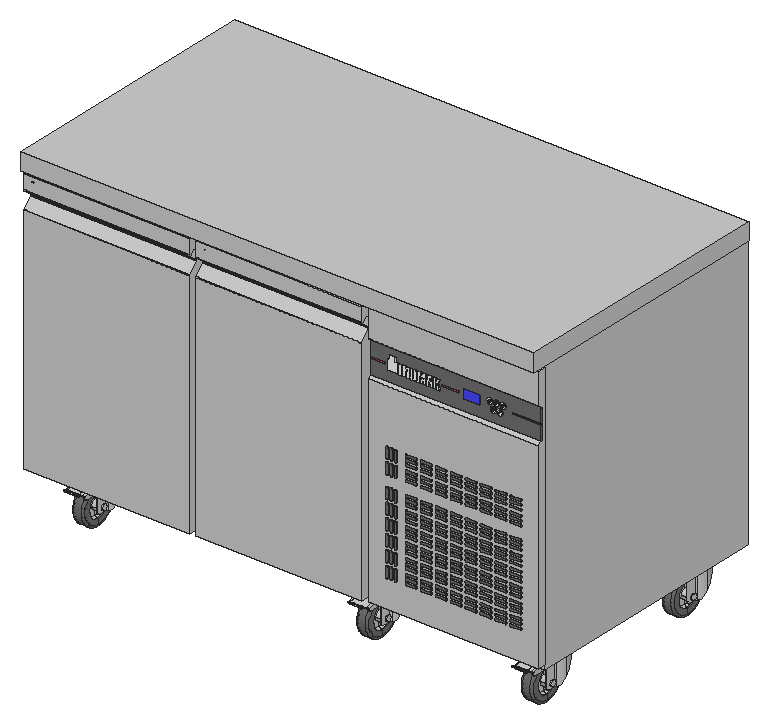
Revit family "QF_INOMAK_PNRP99_250528074223", category Specialty Equipment, Revit 2021
Family settings
  Round Connector Dimension = Use Diameter
  Part Type = Normal
  OmniClass Number = 23.40.40.14
  OmniClass Title = Food Service Equipment
  Work Plane-Based = No
  Always vertical = Yes
  Cut with Voids When Loaded = No
  Shared = No
  Room Calculation Point = No
Parameters (values of type "PNRP99")
  Weight [instance] = 108.00 kg
  Warranty Start Date [instance] = ""
  Warranty Duration [instance] = ""
  Volts [instance] = 230 V
  Volt Free Conn [instance] = no
  URL Recommended Spares List [instance] = ""
  URL Manufacturer [instance] = ""
  URL Cutsheet [instance] = ""
  URL Critical Spares List [instance] = ""
  URL = "www.inomak.com"
  Technical Documentation [instance] = ""
  Tag Number [instance] = ""
  Status [instance] = ""
  Start Up Current [instance] = 0 A
  Specification by User [instance] = ""
  Specification by Manufacturer [instance] = ""
  Sound Level [instance] = ""
  Show Logo [instance] = yes
  Show Clearances [instance] = yes
  Service Life Duration [instance] = ""
  Serial Number [instance] = ""
  Seismic Rating [instance] = ""
  SMACNA No [instance] = ""
  Revision Code [instance] = ""
  Revision [instance] = ""
  Production Year [instance] = ""
  Potential Equalisation [instance] = no
  Point Load [instance] = 0
  Phase [instance] = 1
  Other Equipment Approvals [instance] = ""
  Operational Current [instance] = 0 A
  Number of Poles [instance] = 2
  No Load Power Draw [instance] = no
  NAFEM Spec ID Number [instance] = ""
  Model Warning [instance] = ""
  Model = "PNRP99"
  Min Ckt Ampacity [instance] = 0 A
  Max Overcurrent Protection [instance] = 10 A
  Masterspec [instance] = ""
  Manufacturer = "INOMAK"
  Main switch integrated [instance] = no
  Length Actual [instance] = 1342 mm
  Item Number [instance] = ""
  Installed By [instance] = ""
  Installation Date [instance] = ""
  Identify Quantity as Lot [instance] = no
  ID [instance] = ""
  Hygiene Approval [instance] = ""
  Height Actual [instance] = 900 mm
  HP power [instance] = ""
  Furnished By [instance] = ""
  Foodservice Equipment Identifier [instance] = no
  FL Amps [instance] = 1.49 A
  Electrical Remarks [instance] = ""
  Electric power [instance] = 340 W
  Electric Connection Type [instance] = ""
  Elec Conn RI Height [instance] = 0 mm
  Elec Conn Connection Height [instance] = 0 mm
  ETL Approved [instance] = no
  Description = "PINE REFRIGERATED COUNTER WITH 2 GN 1/1 DOORS"
  Depth Actual [instance] = 700 mm
  Default Elevation = 0 mm
  Cycle [instance] = 50 Hz
  Cost = 0
  Connection to energy optimisation system [instance] = yes
  Conn Plug [instance] = ""
  Conn Conduit [instance] = no
  Centralized building control system with digital interface [instance] = ""
  CSI MasterFormat [instance] = ""
  CE Approved [instance] = no
  Barcode [instance] = 0
  Author [instance] = ""
  Asset Identifier [instance] = ""
  Apparent Power [instance] = 340 VA
  Accessory [instance] = no
Reference planes
  plane 1 "Center (Front/Back)": y = 0
  plane 2: z = 0
  plane 3 "Center (Left/Right)": x = 0
Forms (mm)
  Extrusion 1, solid, not visible
    sketch origin (940.046, -100.005, 132.006) x (1, 0, 0) y (0, 1, 0)
      loop
        line (-2, 2) -> (-2, -2) -> (2, -2) -> (2, 2) -> (-2, 2)
    from -2 to 2
Dimensions and locks
  locked: nested 2 to Extrusion 1 at 2  (x2)
  aligned and locked: level to plane 2
Nested families
  nested 1: "QF_INOMAK_REF_COUNTERS_1345_2920" at (0, 0, 130), type "PNRP99"
    with Weight 108.00 kg, Warranty Start Date "", Warranty Duration "", URL Cutsheet "", Technical Documentation "", Tag Number "", Status "", Specification by User "", Specification by Manufacturer "", Sound Level "", Solid Fuel Type "", Show Clearances yes, Show Clearance yes, Service Life Duration "", Serial Number "", Seismic Rating "", SMACNA No "", Revision Code "", Revision "", Production Year "", Point Load 0, Other Equipment Approvals "", NAFEM Spec ID Number "", Model Warning "", Masterspec "", Length Actual 1342 mm, Item Number "", Installed By "", Installation Date "", Identify Quantity as Lot yes, ID "", Hygiene Approval "", Height Actual 900 mm, Furnished By "", Foodservice Equipment Identifier yes, Finish none, ETL Approved yes, Depth Actual 700 mm, CSI MasterFormat "", CE Approved yes, Barcode "", Author "", Asset Identifier "", Accessory no
  nested 2: "CONN_POINT_ELE_2D___Generic_Annotation" at (940.046, -100.005, 130.006), type "CONN_POINT_ELE_2D___Generic_Annotation"
    with Onboard connection annotation symbol visibility yes
  nested 3: "QF_INOMAK_REF_COUNTERS_DOORS_DRAWERS_6956" at (0, -700, 130), type "DR-LX-710"
    with Weight 0.00 kg, Warranty Start Date "", Warranty Duration "", URL Cutsheet "", Top inset 10 mm, Technical Documentation "", Tag Number "", Status "", Specification by User "", Specification by Manufacturer "", Sound Level "", Solid Fuel Type "", Show Logo yes, Show Clearances yes, Service Life Duration "", Serial Number "", Seismic Rating "", SMACNA No "", Right panel thickness 0 mm, Revision Code "", Revision "", Rear inset 0 mm, Production Year "", Point Load 0, Plinth height 0 mm, Other Equipment Approvals "", NAFEM Spec ID Number "", Model Warning "", Masterspec "", Length Actual 435 mm, Left panel thickness 0 mm, Item Number "", Installed By "", Installation Date "", Identify Quantity as Lot yes, ID "", Hygiene Approval "", Height Actual 710 mm, Furnished By "", Front inset 10 mm, Foodservice Equipment Identifier yes, Finish none, ETL Approved yes, Doors drawers type 8, Depth Actual 80 mm, CSI MasterFormat "", CE Approved yes, Bottom inset 10 mm, Barcode "", Author "", Asset Identifier "", Accessory yes
  nested 4: "QF_INOMAK_REF_COUNTERS_DOORS_DRAWERS_16430" at (450, -700, 130), type "DR-RX-710"
    with Weight 0.00 kg, Warranty Start Date "", Warranty Duration "", URL Cutsheet "", Top inset 10 mm, Technical Documentation "", Tag Number "", Status "", Specification by User "", Specification by Manufacturer "", Sound Level "", Solid Fuel Type "", Show Logo yes, Show Clearances yes, Service Life Duration "", Serial Number "", Seismic Rating "", SMACNA No "", Right panel thickness 0 mm, Revision Code "", Revision "", Rear inset 0 mm, Production Year "", Point Load 0, Plinth height 0 mm, Other Equipment Approvals "", NAFEM Spec ID Number "", Model Warning "", Masterspec "", Length Actual 435 mm, Left panel thickness 0 mm, Item Number "", Installed By "", Installation Date "", Identify Quantity as Lot yes, ID "", Hygiene Approval "", Height Actual 710 mm, Furnished By "", Front inset 10 mm, Foodservice Equipment Identifier yes, Finish none, ETL Approved yes, Doors drawers type 9, Depth Actual 80 mm, CSI MasterFormat "", CE Approved yes, Bottom inset 10 mm, Barcode "", Author "", Asset Identifier "", Accessory yes
  nested 5: "QF_INOMAK_REF_COUNTERS_WORKTOPS_25901" at (0, 0, 840), type "WTWT-1345-700"
    with Worktop without backsplash yes, Worktop with backsplash no, Worktop type 3, Worktop thickness 46 mm, Without worktop no, Weight 0.00 kg, Warranty Start Date "", Warranty Duration "", URL Cutsheet "", Technical Documentation "", Tag Number "", Status "", Specification by User "", Specification by Manufacturer "", Sound Level "", Solid Fuel Type "", Show Logo yes, Show Clearances yes, Service Life Duration "", Serial Number "", Seismic Rating "", SMACNA No "", Revision Code "", Revision "", Production Year "", Point Load 0, Other Equipment Approvals "", NAFEM Spec ID Number "", Model Warning "", Masterspec "", Length Actual 1342 mm, Item Number "", Installed By "", Installation Date "", Identify Quantity as Lot yes, ID "", Hygiene Approval "", Height Actual 46 mm, Height AFF 0 mm, Furnished By "", Foodservice Equipment Identifier yes, Finish none, ETL Approved yes, Depth Actual 700 mm, CSI MasterFormat "", CE Approved yes, Barcode "", Backsplash thickness 20 mm, Backsplash height 60 mm, Author "", Asset Identifier "", Accessory yes
  nested 6: "QF_INOMAK_REF_COUNTERS_CASTORS_27728" at (0, 0, 0), type "CT-1345-700"
    with Weight 0.00 kg, Warranty Start Date "", Warranty Duration "", URL Cutsheet "", Technical Documentation "", Tag Number "", Status "", Specification by User "", Specification by Manufacturer "", Sound Level "", Solid Fuel Type "", Show Logo yes, Show Clearances yes, Service Life Duration "", Serial Number "", Seismic Rating "", SMACNA No "", Revision Code "", Revision "", Production Year "", Point Load 0, Other Equipment Approvals "", NAFEM Spec ID Number "", Model Warning "", Masterspec "", Length Actual 1342 mm, Item Number "", Installed By "", Installation Date "", Identify Quantity as Lot yes, ID "", Hygiene Approval "", Height Actual 130 mm, Furnished By "", Foodservice Equipment Identifier yes, ETL Approved yes, Depth Actual 700 mm, CSI MasterFormat "", CE Approved yes, Barcode "", Author "", Asset Identifier "", Accessory yes
Connectors
  electrical at (940.046, -100.005, 130.006), driven by "Apparent Power", driven by "Number of Poles", driven by "Volts"
    settings: on Extrusion 1, index 1, voltage 230 V, apparent load 0 VA, apparent load phase1 340 VA, apparent load phase2 0 VA, apparent load phase3 0 VA, power factor 1, load classification "Other", number of poles 2, system type 31, power factor state 1, is connector primary yes, connector utility no, sub classification motor no, connector description "Electrical connection for PNRP99"
Definition of nested family "QF_INOMAK_REF_COUNTERS_1345_2920"
  Parameters (values of type "PNRP99")
    Weight [instance] = 0.00 kg
    Warranty Start Date [instance] = ""
    Warranty Duration [instance] = ""
    URL Cutsheet [instance] = ""
    URL = "www.inomak.com"
    Technical Documentation [instance] = ""
    Tag Number [instance] = ""
    Status [instance] = ""
    Specification by User [instance] = ""
    Specification by Manufacturer [instance] = ""
    Sound Level [instance] = ""
    Solid Fuel Type [instance] = ""
    Show Logo = yes
    Show Clearances [instance] = yes
    Show Clearance [instance] = yes
    Service Life Duration [instance] = ""
    Serial Number [instance] = ""
    Seismic Rating [instance] = ""
    SMACNA No [instance] = ""
    Revision Code [instance] = ""
    Revision [instance] = ""
    Production Year [instance] = ""
    Point Load [instance] = 0
    Other Equipment Approvals [instance] = ""
    NAFEM Spec ID Number [instance] = ""
    Model Warning [instance] = ""
    Model = "PNRP99"
    Masterspec [instance] = ""
    Manufacturer = "INOMAK"
    Length Actual [instance] = 0 mm
    Length = 1342 mm
    Item Number [instance] = ""
    Installed By [instance] = ""
    Installation Date [instance] = ""
    Identify Quantity as Lot [instance] = yes
    ID [instance] = ""
    Hygiene Approval [instance] = ""
    Height Actual [instance] = 0 mm
    Height = 710 mm
    Furnished By [instance] = ""
    Foodservice Equipment Identifier [instance] = yes
    Finish [instance] = none
    ETL Approved [instance] = yes
    Description = "PINE REFRIGERATED COUNTER WITH 2 GN 1/1 DOORS"
    Depth Actual [instance] = 0 mm
    Depth = 700 mm
    Default Elevation = 0 mm
    CSI MasterFormat [instance] = ""
    CE Approved [instance] = yes
    Barcode [instance] = ""
    Author [instance] = ""
    Asset Identifier [instance] = ""
    Assembly Code = "E1090320"
    Accessory [instance] = yes
  Types (2, lengths in mm): name | Model | Description | Depth
    PNRP99 | "PNRP99" | "PINE REFRIGERATED COUNTER WITH 2 GN 1/1 DOORS" | 700
    PMRP99 | "PMRP99" | "CLOVER CHILLER COUNTER WITH 2 DOORS, COMPACT DIMENSIONS" | 600
  Reference planes
    plane 1 "Back": y = 0
    plane 2: z = 0
    plane 3 "Left": x = 0
    plane 4 "Right": x = 1342
    plane 5 "Front": y = -700
    plane 6 "Top": z = 710
  Forms (mm)
    Extrusion 1, solid, material <- "Finish"
      sketch origin (0, 0, 0) x (1, 0, 0) y (0, 1, 0)
        loop
          line (0, -648) -> (30, -648) -> (30, -30) -> (867, -30) -> (867, -648) -> (897, -648) -> (897, -665) -> (1342, -665) -> (1342, 0) -> (0, 0) -> (0, -648)
      from 0 to 710
    Extrusion 2, solid, material <- "Finish"
      sketch origin (0, 0, 0) x (1, 0, 0) y (0, 1, 0)
        loop
          line (30, -30) -> (30, -648) -> (867, -648) -> (867, -30) -> (30, -30)
      from 0 to 45
    Extrusion 3, solid, material <- "Finish"
      sketch origin (0, 0, 710) x (0, 1, 0) y (-1, 0, 0)
        loop
          line (-30, -30) -> (-648, -30) -> (-648, -867) -> (-30, -867) -> (-30, -30)
      from 0 to -30
    Extrusion 4, solid, material <- "Finish"
      sketch origin (1342, 0, 0) x (0, -1, 0) y (0, 0, 1)
        loop
          line (683.05, 705) -> (665, 705) -> (665, 10) -> (683.05, 10) -> (683.05, 532.058) -> (676.05, 539.058) -> (676.05, 618.864) -> (683.05, 625.864) -> (683.05, 705)
      from 0 to 445
    Extrusion 5, solid
      sketch origin (0, -700, 0) x (-1, 0, 0) y (0, 0, 1)
        loop
          circle (-1208.654, 586.73) r 6.965
        loop
          circle (-1225.685, 586.73) r 6.965
        loop
          circle (-1242.694, 586.73) r 6.965
        loop
          circle (-1217.18, 568.729) r 6.965
        loop
          circle (-1234.189, 568.729) r 6.965
        loop
          circle (-1208.654, 586.73) r 3.965
        loop
          circle (-1225.685, 586.73) r 3.965
        loop
          circle (-1242.694, 586.73) r 3.965
        loop
          circle (-1217.18, 568.729) r 3.965
        loop
          circle (-1234.189, 568.729) r 3.965
      from 23 to 25.5
    Extrusion 6, solid
      sketch origin (0, -700, 0) x (-1, 0, 0) y (0, 0, 1)
        loop
          line (-1180.865, 590.461) -> (-1180.865, 567.461) -> (-1140.865, 567.461) -> (-1140.865, 590.461) -> (-1180.865, 590.461)
      from 23 to 25.5
    Extrusion 7, solid
      sketch origin (0, -700, 0) x (-1, 0, 0) y (0, 0, 1)
        loop
          line (-897, 618.864) -> (-1342, 618.864) -> (-1342, 539.058) -> (-897, 539.058) -> (-897, 618.864)
      from 23.5 to 25.5
    Extrusion 8, solid, visible <- "Show Logo"
      sketch origin (0, -700, 0) x (-1, 0, 0) y (0, 0, 1)
        loop
          line (-941.061, 591.01) -> (-947.061, 591.01) -> (-947.061, 602.118) -> (-961.298, 602.118) -> (-961.298, 591.01) -> (-967.298, 591.01) -> (-967.298, 564.76) -> (-941.061, 564.76) -> (-941.061, 591.01)
        loop
          line (-971.613, 590.698) -> (-978.903, 590.698) -> (-978.903, 564.76) -> (-971.613, 564.76) -> (-971.613, 590.698)
        loop
          line (-981.422, 564.76) -> (-981.422, 590.698) -> (-988.256, 590.698) -> (-991.449, 578.78) -> (-991.449, 590.698) -> (-997.982, 590.698) -> (-997.982, 564.76) -> (-991.449, 564.76) -> (-987.735, 578.623) -> (-987.735, 564.76) -> (-981.422, 564.76)
        loop
          line (-1018.664, 564.76) -> (-1018.664, 590.698) -> (-1027.626, 590.698) -> (-1029.988, 576.688) -> (-1032.35, 590.698) -> (-1041.312, 590.698) -> (-1041.312, 564.76) -> (-1034.687, 564.76) -> (-1034.687, 578.623) -> (-1032.35, 564.76) -> (-1027.626, 564.76) -> (-1025.289, 578.623) -> (-1025.289, 564.76) -> (-1018.664, 564.76)
        loop
          line (-1003.851, 590.698) -> (-1013.176, 590.698)
          arc (-1013.176, 590.698) -> (-1015.773, 589.622) -> (-1016.849, 587.026) r 3.672
          line (-1016.849, 587.026) -> (-1016.849, 568.433)
          arc (-1016.849, 568.433) -> (-1015.773, 565.836) -> (-1013.176, 564.76) r 3.672
          line (-1013.176, 564.76) -> (-1003.851, 564.76)
          arc (-1003.851, 564.76) -> (-1001.255, 565.836) -> (-1000.179, 568.433) r 3.672
          line (-1000.179, 568.433) -> (-1000.179, 587.026)
          arc (-1000.179, 587.026) -> (-1001.255, 589.622) -> (-1003.851, 590.698) r 3.672
        loop
          arc (-1007.487, 587.542) -> (-1008.514, 588.569) -> (-1009.541, 587.542) r 1.027
          line (-1009.541, 587.542) -> (-1009.541, 568.949)
          arc (-1009.541, 568.949) -> (-1008.514, 567.922) -> (-1007.487, 568.949) r 1.027
          line (-1007.487, 568.949) -> (-1007.487, 587.542)
        loop
          line (-1042.382, 564.76) -> (-1046.755, 590.698) -> (-1055.615, 590.698) -> (-1059.988, 564.76) -> (-1053.461, 564.76) -> (-1052.852, 569.723) -> (-1049.518, 569.723) -> (-1048.909, 564.76) -> (-1042.382, 564.76)
        loop
          line (-1050.074, 574.252) -> (-1051.185, 583.299) -> (-1052.296, 574.252) -> (-1050.074, 574.252)
        loop
          line (-1060.954, 564.76) -> (-1060.954, 590.698) -> (-1067.579, 590.698) -> (-1067.579, 581.585) -> (-1070.365, 590.698) -> (-1077.803, 590.698) -> (-1073.474, 579.422) -> (-1078.522, 564.76) -> (-1070.939, 564.76) -> (-1067.579, 577.3) -> (-1067.579, 564.76) -> (-1060.954, 564.76)
      from 23 to 25.5
    Extrusion 9, solid
      sketch origin (0, -700, 0) x (-1, 0, 0) y (0, 0, 1)
        loop
          line (-897, 580.961) -> (-933.995, 580.961) -> (-933.995, 576.961) -> (-897, 576.961) -> (-897, 580.961)
        loop
          line (-1082, 580.961) -> (-1126.365, 580.961) -> (-1126.365, 576.961) -> (-1082, 576.961) -> (-1082, 580.961)
        loop
          line (-1342, 580.961) -> (-1342, 576.961) -> (-1268.755, 576.961) -> (-1268.755, 580.961) -> (-1342, 580.961)
      from 23 to 25.5
  Cuts and joins
    joined: Extrusion 1, Extrusion 2, Extrusion 3
  Lines and regions (mm)
    symbolic lines, visible <- "Show Clearance"
      curve 1: line (0, 0, 0) -> (1342, 0, 0)
      curve 2: line (1342, 0, 0) -> (1342, -700, 0)
      curve 3: line (1342, -700, 0) -> (0, -700, 0)
      curve 4: line (0, -700, 0) -> (0, 0, 0)
  Dimensions and locks
    "Length": plane 3 "Left" to plane 4 "Right"
    "Depth": plane 5 "Front" to plane 1 "Back"
    "Height": plane 6 "Top" to plane 2
    aligned and locked: level to plane 2
    aligned and locked: plane 6 "Top" to Extrusion 1
    aligned and locked: nested 1 to plane 4 "Right"
    aligned and locked: plane 5 "Front" to nested 1
    aligned and locked: plane 5 "Front" to curve 3
  Automatic sketch dimensions
    plane 3 "Left" to Extrusion 2 sketch curve = 30 mm
    plane 4 "Right" to Extrusion 2 sketch curve = 475 mm
    plane 1 "Back" to Extrusion 2 sketch curve = 30 mm
    plane 1 "Back" to Extrusion 3 sketch curve = 30 mm
    plane 4 "Right" to Extrusion 3 sketch curve = 475 mm
    plane 3 "Left" to Extrusion 3 sketch curve = 30 mm
    Extrusion 1 sketch curve to plane 3 "Left" = 0 mm
    plane 1 "Back" to Extrusion 1 sketch curve = 0 mm
    Extrusion 1 sketch curve to plane 4 "Right" = 0 mm
    plane 3 "Left" to Extrusion 1 sketch curve = 30 mm
    plane 1 "Back" to Extrusion 1 sketch curve = 30 mm
    plane 4 "Right" to Extrusion 1 sketch curve = 475 mm
    Extrusion 1 sketch curve to Extrusion 1 sketch curve = 30 mm
    plane 5 "Front" to Extrusion 1 sketch curve = 35 mm
    plane 5 "Front" to Extrusion 1 sketch curve = 52 mm
    Extrusion 1 sketch curve to Extrusion 1 sketch curve = 17 mm
    plane 5 "Front" to Extrusion 2 sketch curve = 52 mm
    plane 5 "Front" to Extrusion 3 sketch curve = 52 mm
    Extrusion 4 sketch curve to plane 6 "Top" = 5 mm
    plane 5 "Front" to Extrusion 4 sketch curve = 35 mm
    plane 5 "Front" to Extrusion 4 sketch curve = 23.95 mm
    Extrusion 4 sketch curve to Extrusion 4 sketch curve = 7 mm  (x4)
    Extrusion 4 sketch curve to Extrusion 4 sketch curve = 79.136 mm
    Extrusion 4 sketch curve to Extrusion 4 sketch curve = 79.807 mm
    level to Extrusion 4 sketch curve = 10 mm
    Extrusion 5 sketch curve to Extrusion 5 sketch curve = 0 mm  (x13)
    plane 4 "Right" to Extrusion 5 sketch curve = 99.306 mm
    Extrusion 5 sketch curve to Extrusion 5 sketch curve = 8.505 mm
    Extrusion 5 sketch curve to Extrusion 5 sketch curve = 17.009 mm  (x2)
    Extrusion 5 sketch curve to Extrusion 5 sketch curve = 17.03 mm
    Extrusion 5 sketch curve to plane 6 "Top" = 141.271 mm
    Extrusion 5 sketch curve to Extrusion 5 sketch curve = 18.001 mm
    plane 4 "Right" to Extrusion 6 sketch curve = 161.135 mm
    Extrusion 6 sketch curve to Extrusion 6 sketch curve = 40 mm
    Extrusion 6 sketch curve to plane 6 "Top" = 142.539 mm
    Extrusion 6 sketch curve to Extrusion 6 sketch curve = 23 mm
    plane 4 "Right" to Extrusion 7 sketch curve = 0 mm
    Extrusion 7 sketch curve to plane 6 "Top" = 170.942 mm
    plane 4 "Right" to Extrusion 7 sketch curve = 445 mm
    Extrusion 7 sketch curve to Extrusion 7 sketch curve = 79.807 mm
    plane 4 "Right" to Extrusion 8 sketch curve = 263.478 mm
    Extrusion 8 sketch curve to Extrusion 8 sketch curve = 0.72 mm
    Extrusion 8 sketch curve to plane 6 "Top" = 130.578 mm
    Extrusion 8 sketch curve to Extrusion 8 sketch curve = 4.329 mm
    Extrusion 8 sketch curve to Extrusion 8 sketch curve = 7.584 mm
    Extrusion 8 sketch curve to plane 6 "Top" = 119.302 mm  (x2)
    Extrusion 8 sketch curve to Extrusion 8 sketch curve = 7.438 mm
    Extrusion 8 sketch curve to plane 6 "Top" = 132.7 mm
    Extrusion 8 sketch curve to Extrusion 8 sketch curve = 5.895 mm
    Extrusion 8 sketch curve to plane 6 "Top" = 128.415 mm
    Extrusion 8 sketch curve to Extrusion 8 sketch curve = 0 mm  (x11)
    Extrusion 8 sketch curve to Extrusion 8 sketch curve = 6.625 mm  (x2)
    Extrusion 8 sketch curve to Extrusion 8 sketch curve = 0.965 mm
    Extrusion 8 sketch curve to Extrusion 8 sketch curve = 5.338 mm
    Extrusion 8 sketch curve to Extrusion 8 sketch curve = 6.527 mm  (x2)
    Extrusion 8 sketch curve to plane 6 "Top" = 140.277 mm
    Extrusion 8 sketch curve to Extrusion 8 sketch curve = 0.609 mm
    Extrusion 8 sketch curve to plane 6 "Top" = 135.748 mm
    Extrusion 8 sketch curve to Extrusion 8 sketch curve = 0.556 mm
    Extrusion 8 sketch curve to plane 6 "Top" = 126.701 mm
    Extrusion 8 sketch curve to Extrusion 8 sketch curve = 4.43 mm  (x2)
    Extrusion 8 sketch curve to Extrusion 8 sketch curve = 2.222 mm
    Extrusion 8 sketch curve to Extrusion 8 sketch curve = 3.334 mm
    Extrusion 8 sketch curve to Extrusion 8 sketch curve = 4.552 mm
    Extrusion 8 sketch curve to plane 6 "Top" = 145.24 mm  (x2)
    Extrusion 8 sketch curve to Extrusion 8 sketch curve = 1.069 mm
    Extrusion 8 sketch curve to plane 6 "Top" = 131.377 mm  (x2)
    Extrusion 8 sketch curve to Extrusion 8 sketch curve = 8.962 mm  (x2)
    Extrusion 8 sketch curve to Extrusion 8 sketch curve = 2.337 mm
    Extrusion 8 sketch curve to plane 6 "Top" = 133.312 mm
    Extrusion 8 sketch curve to Extrusion 8 sketch curve = 4.699 mm  (x2)
    Extrusion 8 sketch curve to Extrusion 8 sketch curve = 4.724 mm  (x2)
    Extrusion 8 sketch curve to Extrusion 8 sketch curve = 1.815 mm
    Extrusion 8 sketch curve to Extrusion 8 sketch curve = 3.672 mm  (x8)
    Extrusion 8 sketch curve to Extrusion 8 sketch curve = 3.636 mm  (x3)
    Extrusion 8 sketch curve to Extrusion 8 sketch curve = 1.027 mm
    Extrusion 8 sketch curve to Extrusion 8 sketch curve = 2.197 mm
    Extrusion 8 sketch curve to Extrusion 8 sketch curve = 6.532 mm  (x2)
    Extrusion 8 sketch curve to Extrusion 8 sketch curve = 3.194 mm
    Extrusion 8 sketch curve to Extrusion 8 sketch curve = 3.714 mm
    Extrusion 8 sketch curve to Extrusion 8 sketch curve = 6.312 mm
    Extrusion 8 sketch curve to Extrusion 8 sketch curve = 2.52 mm
    Extrusion 8 sketch curve to Extrusion 8 sketch curve = 7.29 mm
    Extrusion 8 sketch curve to Extrusion 8 sketch curve = 4.315 mm
    Extrusion 8 sketch curve to Extrusion 8 sketch curve = 6 mm
    Extrusion 8 sketch curve to Extrusion 8 sketch curve = 14.237 mm
    Extrusion 8 sketch curve to Extrusion 8 sketch curve = 26.237 mm
    Extrusion 8 sketch curve to Extrusion 8 sketch curve = 14.661 mm
    Extrusion 8 sketch curve to Extrusion 8 sketch curve = 4.963 mm
    Extrusion 8 sketch curve to Extrusion 8 sketch curve = 0.516 mm  (x2)
    Extrusion 8 sketch curve to Extrusion 8 sketch curve = 13.862 mm
    Extrusion 8 sketch curve to Extrusion 8 sketch curve = 0.157 mm
    Extrusion 8 sketch curve to Extrusion 8 sketch curve = 26.25 mm
    Extrusion 8 sketch curve to Extrusion 8 sketch curve = 0.312 mm
    Extrusion 8 sketch curve to Extrusion 8 sketch curve = 11.107 mm
    plane 4 "Right" to Extrusion 9 sketch curve = 0 mm
    plane 4 "Right" to Extrusion 9 sketch curve = 73.245 mm
    Extrusion 9 sketch curve to Extrusion 9 sketch curve = 142.39 mm
    Extrusion 9 sketch curve to Extrusion 9 sketch curve = 44.365 mm
    Extrusion 9 sketch curve to Extrusion 9 sketch curve = 148.005 mm
    Extrusion 9 sketch curve to Extrusion 9 sketch curve = 36.995 mm
    Extrusion 9 sketch curve to plane 6 "Top" = 133.039 mm  (x3)
    Extrusion 9 sketch curve to Extrusion 9 sketch curve = 4 mm  (x3)
    plane 1 "Back" to curve 1 = 0 mm
    curve 1 to plane 3 "Left" = 0 mm
    curve 2 to plane 4 "Right" = 0 mm
    radius of Extrusion 5 sketch curve = 6.965 mm  (x5)
    radius of Extrusion 5 sketch curve = 3.965 mm  (x5)
  Nested families
    nested 1: "QF_INOMAK_CONRTOL-PANEL" at (1342, 0, 0), type "PNRP9999"
      with Show Clearance yes
  Definition of nested family "QF_INOMAK_CONRTOL-PANEL"
    Parameters (values of type "PNRP9999")
      URL = ""
      Show Logo = yes
      Show Clearance [instance] = yes
      Model = ""
      Manufacturer = ""
      Length = 0 mm
      Height = 710 mm
      Front offset = 80 mm
      Description = ""
      Depth = 700 mm
      Default Elevation = 0 mm
      Assembly Code = ""
    Reference planes
      plane 1 "Back": y = 0
      plane 2: z = 0
      plane 3 "Left": x = 0
      plane 4 "Right": x = 0
      plane 5 "Front": y = -700
      plane 6 "Top": z = 710
      plane 7 "Front offset": y = -620
    Forms (mm)
      Extrusion 1, solid
        sketch origin (-2240, -700, 0) x (-1, 0, 0) y (0, 0, 1)
          loop
            arc (-2191.4, 389.855) -> (-2194.4, 386.855) -> (-2191.4, 383.855) r 3
            line (-2191.4, 383.855) -> (-2167.4, 383.855)
            arc (-2167.4, 383.855) -> (-2164.4, 386.855) -> (-2167.4, 389.855) r 3
            line (-2167.4, 389.855) -> (-2191.4, 389.855)
          loop
            arc (-2152.4, 389.855) -> (-2155.4, 386.855) -> (-2152.4, 383.855) r 3
            line (-2152.4, 383.855) -> (-2128.4, 383.855)
            arc (-2128.4, 383.855) -> (-2125.4, 386.855) -> (-2128.4, 389.855) r 3
            line (-2128.4, 389.855) -> (-2152.4, 389.855)
          loop
            arc (-2113.4, 389.855) -> (-2116.4, 386.855) -> (-2113.4, 383.855) r 3
            line (-2113.4, 383.855) -> (-2089.4, 383.855)
            arc (-2089.4, 383.855) -> (-2086.4, 386.855) -> (-2089.4, 389.855) r 3
            line (-2089.4, 389.855) -> (-2113.4, 389.855)
          loop
            arc (-2074.4, 389.855) -> (-2077.4, 386.855) -> (-2074.4, 383.855) r 3
            line (-2074.4, 383.855) -> (-2050.4, 383.855)
            arc (-2050.4, 383.855) -> (-2047.4, 386.855) -> (-2050.4, 389.855) r 3
            line (-2050.4, 389.855) -> (-2074.4, 389.855)
          loop
            arc (-2035.4, 389.855) -> (-2038.4, 386.855) -> (-2035.4, 383.855) r 3
            line (-2035.4, 383.855) -> (-2011.4, 383.855)
            arc (-2011.4, 383.855) -> (-2008.4, 386.855) -> (-2011.4, 389.855) r 3
            line (-2011.4, 389.855) -> (-2035.4, 389.855)
          loop
            arc (-1996.4, 389.855) -> (-1999.4, 386.855) -> (-1996.4, 383.855) r 3
            line (-1996.4, 383.855) -> (-1972.4, 383.855)
            arc (-1972.4, 383.855) -> (-1969.4, 386.855) -> (-1972.4, 389.855) r 3
            line (-1972.4, 389.855) -> (-1996.4, 389.855)
          loop
            arc (-1957.4, 389.855) -> (-1960.4, 386.855) -> (-1957.4, 383.855) r 3
            line (-1957.4, 383.855) -> (-1933.4, 383.855)
            arc (-1933.4, 383.855) -> (-1930.4, 386.855) -> (-1933.4, 389.855) r 3
            line (-1933.4, 389.855) -> (-1957.4, 389.855)
          loop
            arc (-1918.4, 389.855) -> (-1921.4, 386.855) -> (-1918.4, 383.855) r 3
            line (-1918.4, 383.855) -> (-1894.4, 383.855)
            arc (-1894.4, 383.855) -> (-1891.4, 386.855) -> (-1894.4, 389.855) r 3
            line (-1894.4, 389.855) -> (-1918.4, 389.855)
          loop
            arc (-2191.4, 378.855) -> (-2194.4, 375.855) -> (-2191.4, 372.855) r 3
            line (-2191.4, 372.855) -> (-2167.4, 372.855)
            arc (-2167.4, 372.855) -> (-2164.4, 375.855) -> (-2167.4, 378.855) r 3
            line (-2167.4, 378.855) -> (-2191.4, 378.855)
          loop
            arc (-2152.4, 378.855) -> (-2155.4, 375.855) -> (-2152.4, 372.855) r 3
            line (-2152.4, 372.855) -> (-2128.4, 372.855)
            arc (-2128.4, 372.855) -> (-2125.4, 375.855) -> (-2128.4, 378.855) r 3
            line (-2128.4, 378.855) -> (-2152.4, 378.855)
          loop
            arc (-2113.4, 378.855) -> (-2116.4, 375.855) -> (-2113.4, 372.855) r 3
            line (-2113.4, 372.855) -> (-2089.4, 372.855)
            arc (-2089.4, 372.855) -> (-2086.4, 375.855) -> (-2089.4, 378.855) r 3
            line (-2089.4, 378.855) -> (-2113.4, 378.855)
          loop
            arc (-2074.4, 378.855) -> (-2077.4, 375.855) -> (-2074.4, 372.855) r 3
            line (-2074.4, 372.855) -> (-2050.4, 372.855)
            arc (-2050.4, 372.855) -> (-2047.4, 375.855) -> (-2050.4, 378.855) r 3
            line (-2050.4, 378.855) -> (-2074.4, 378.855)
          loop
            arc (-2035.4, 378.855) -> (-2038.4, 375.855) -> (-2035.4, 372.855) r 3
            line (-2035.4, 372.855) -> (-2011.4, 372.855)
            arc (-2011.4, 372.855) -> (-2008.4, 375.855) -> (-2011.4, 378.855) r 3
            line (-2011.4, 378.855) -> (-2035.4, 378.855)
          loop
            arc (-1996.4, 378.855) -> (-1999.4, 375.855) -> (-1996.4, 372.855) r 3
            line (-1996.4, 372.855) -> (-1972.4, 372.855)
            arc (-1972.4, 372.855) -> (-1969.4, 375.855) -> (-1972.4, 378.855) r 3
            line (-1972.4, 378.855) -> (-1996.4, 378.855)
          loop
            arc (-1957.4, 378.855) -> (-1960.4, 375.855) -> (-1957.4, 372.855) r 3
            line (-1957.4, 372.855) -> (-1933.4, 372.855)
            arc (-1933.4, 372.855) -> (-1930.4, 375.855) -> (-1933.4, 378.855) r 3
            line (-1933.4, 378.855) -> (-1957.4, 378.855)
          loop
            arc (-1918.4, 378.855) -> (-1921.4, 375.855) -> (-1918.4, 372.855) r 3
            line (-1918.4, 372.855) -> (-1894.4, 372.855)
            arc (-1894.4, 372.855) -> (-1891.4, 375.855) -> (-1894.4, 378.855) r 3
            line (-1894.4, 378.855) -> (-1918.4, 378.855)
          loop
            arc (-2191.4, 367.855) -> (-2194.4, 364.855) -> (-2191.4, 361.855) r 3
            line (-2191.4, 361.855) -> (-2167.4, 361.855)
            arc (-2167.4, 361.855) -> (-2164.4, 364.855) -> (-2167.4, 367.855) r 3
            line (-2167.4, 367.855) -> (-2191.4, 367.855)
          loop
            arc (-2152.4, 367.855) -> (-2155.4, 364.855) -> (-2152.4, 361.855) r 3
            line (-2152.4, 361.855) -> (-2128.4, 361.855)
            arc (-2128.4, 361.855) -> (-2125.4, 364.855) -> (-2128.4, 367.855) r 3
            line (-2128.4, 367.855) -> (-2152.4, 367.855)
          loop
            arc (-2113.4, 367.855) -> (-2116.4, 364.855) -> (-2113.4, 361.855) r 3
            line (-2113.4, 361.855) -> (-2089.4, 361.855)
            arc (-2089.4, 361.855) -> (-2086.4, 364.855) -> (-2089.4, 367.855) r 3
            line (-2089.4, 367.855) -> (-2113.4, 367.855)
          loop
            arc (-2074.4, 367.855) -> (-2077.4, 364.855) -> (-2074.4, 361.855) r 3
            line (-2074.4, 361.855) -> (-2050.4, 361.855)
            arc (-2050.4, 361.855) -> (-2047.4, 364.855) -> (-2050.4, 367.855) r 3
            line (-2050.4, 367.855) -> (-2074.4, 367.855)
          loop
            arc (-2035.4, 367.855) -> (-2038.4, 364.855) -> (-2035.4, 361.855) r 3
            line (-2035.4, 361.855) -> (-2011.4, 361.855)
            arc (-2011.4, 361.855) -> (-2008.4, 364.855) -> (-2011.4, 367.855) r 3
            line (-2011.4, 367.855) -> (-2035.4, 367.855)
          loop
            arc (-1996.4, 367.855) -> (-1999.4, 364.855) -> (-1996.4, 361.855) r 3
            line (-1996.4, 361.855) -> (-1972.4, 361.855)
            arc (-1972.4, 361.855) -> (-1969.4, 364.855) -> (-1972.4, 367.855) r 3
            line (-1972.4, 367.855) -> (-1996.4, 367.855)
          loop
            arc (-1957.4, 367.855) -> (-1960.4, 364.855) -> (-1957.4, 361.855) r 3
            line (-1957.4, 361.855) -> (-1933.4, 361.855)
            arc (-1933.4, 361.855) -> (-1930.4, 364.855) -> (-1933.4, 367.855) r 3
            line (-1933.4, 367.855) -> (-1957.4, 367.855)
          loop
            arc (-1918.4, 367.855) -> (-1921.4, 364.855) -> (-1918.4, 361.855) r 3
            line (-1918.4, 361.855) -> (-1894.4, 361.855)
            arc (-1894.4, 361.855) -> (-1891.4, 364.855) -> (-1894.4, 367.855) r 3
            line (-1894.4, 367.855) -> (-1918.4, 367.855)
          loop
            arc (-2191.4, 352.855) -> (-2194.4, 349.855) -> (-2191.4, 346.855) r 3
            line (-2191.4, 346.855) -> (-2167.4, 346.855)
            arc (-2167.4, 346.855) -> (-2164.4, 349.855) -> (-2167.4, 352.855) r 3
            line (-2167.4, 352.855) -> (-2191.4, 352.855)
          loop
            arc (-2152.4, 352.855) -> (-2155.4, 349.855) -> (-2152.4, 346.855) r 3
            line (-2152.4, 346.855) -> (-2128.4, 346.855)
            arc (-2128.4, 346.855) -> (-2125.4, 349.855) -> (-2128.4, 352.855) r 3
            line (-2128.4, 352.855) -> (-2152.4, 352.855)
          loop
            arc (-2113.4, 352.855) -> (-2116.4, 349.855) -> (-2113.4, 346.855) r 3
            line (-2113.4, 346.855) -> (-2089.4, 346.855)
            arc (-2089.4, 346.855) -> (-2086.4, 349.855) -> (-2089.4, 352.855) r 3
            line (-2089.4, 352.855) -> (-2113.4, 352.855)
          loop
            arc (-2074.4, 352.855) -> (-2077.4, 349.855) -> (-2074.4, 346.855) r 3
            line (-2074.4, 346.855) -> (-2050.4, 346.855)
            arc (-2050.4, 346.855) -> (-2047.4, 349.855) -> (-2050.4, 352.855) r 3
            line (-2050.4, 352.855) -> (-2074.4, 352.855)
          loop
            arc (-2035.4, 352.855) -> (-2038.4, 349.855) -> (-2035.4, 346.855) r 3
            line (-2035.4, 346.855) -> (-2011.4, 346.855)
            arc (-2011.4, 346.855) -> (-2008.4, 349.855) -> (-2011.4, 352.855) r 3
            line (-2011.4, 352.855) -> (-2035.4, 352.855)
          loop
            arc (-1996.4, 352.855) -> (-1999.4, 349.855) -> (-1996.4, 346.855) r 3
            line (-1996.4, 346.855) -> (-1972.4, 346.855)
            arc (-1972.4, 346.855) -> (-1969.4, 349.855) -> (-1972.4, 352.855) r 3
            line (-1972.4, 352.855) -> (-1996.4, 352.855)
          loop
            arc (-1957.4, 352.855) -> (-1960.4, 349.855) -> (-1957.4, 346.855) r 3
            line (-1957.4, 346.855) -> (-1933.4, 346.855)
            arc (-1933.4, 346.855) -> (-1930.4, 349.855) -> (-1933.4, 352.855) r 3
            line (-1933.4, 352.855) -> (-1957.4, 352.855)
          loop
            arc (-1918.4, 352.855) -> (-1921.4, 349.855) -> (-1918.4, 346.855) r 3
            line (-1918.4, 346.855) -> (-1894.4, 346.855)
            arc (-1894.4, 346.855) -> (-1891.4, 349.855) -> (-1894.4, 352.855) r 3
            line (-1894.4, 352.855) -> (-1918.4, 352.855)
          loop
            arc (-2191.4, 341.855) -> (-2194.4, 338.855) -> (-2191.4, 335.855) r 3
            line (-2191.4, 335.855) -> (-2167.4, 335.855)
            arc (-2167.4, 335.855) -> (-2164.4, 338.855) -> (-2167.4, 341.855) r 3
            line (-2167.4, 341.855) -> (-2191.4, 341.855)
          loop
            arc (-2152.4, 341.855) -> (-2155.4, 338.855) -> (-2152.4, 335.855) r 3
            line (-2152.4, 335.855) -> (-2128.4, 335.855)
            arc (-2128.4, 335.855) -> (-2125.4, 338.855) -> (-2128.4, 341.855) r 3
            line (-2128.4, 341.855) -> (-2152.4, 341.855)
          loop
            arc (-2113.4, 341.855) -> (-2116.4, 338.855) -> (-2113.4, 335.855) r 3
            line (-2113.4, 335.855) -> (-2089.4, 335.855)
            arc (-2089.4, 335.855) -> (-2086.4, 338.855) -> (-2089.4, 341.855) r 3
            line (-2089.4, 341.855) -> (-2113.4, 341.855)
          loop
            arc (-2074.4, 341.855) -> (-2077.4, 338.855) -> (-2074.4, 335.855) r 3
            line (-2074.4, 335.855) -> (-2050.4, 335.855)
            arc (-2050.4, 335.855) -> (-2047.4, 338.855) -> (-2050.4, 341.855) r 3
            line (-2050.4, 341.855) -> (-2074.4, 341.855)
          loop
            arc (-2035.4, 341.855) -> (-2038.4, 338.855) -> (-2035.4, 335.855) r 3
            line (-2035.4, 335.855) -> (-2011.4, 335.855)
            arc (-2011.4, 335.855) -> (-2008.4, 338.855) -> (-2011.4, 341.855) r 3
            line (-2011.4, 341.855) -> (-2035.4, 341.855)
          loop
            arc (-1996.4, 341.855) -> (-1999.4, 338.855) -> (-1996.4, 335.855) r 3
            line (-1996.4, 335.855) -> (-1972.4, 335.855)
            arc (-1972.4, 335.855) -> (-1969.4, 338.855) -> (-1972.4, 341.855) r 3
            line (-1972.4, 341.855) -> (-1996.4, 341.855)
          loop
            arc (-1957.4, 341.855) -> (-1960.4, 338.855) -> (-1957.4, 335.855) r 3
            line (-1957.4, 335.855) -> (-1933.4, 335.855)
            arc (-1933.4, 335.855) -> (-1930.4, 338.855) -> (-1933.4, 341.855) r 3
            line (-1933.4, 341.855) -> (-1957.4, 341.855)
          loop
            arc (-1918.4, 341.855) -> (-1921.4, 338.855) -> (-1918.4, 335.855) r 3
            line (-1918.4, 335.855) -> (-1894.4, 335.855)
            arc (-1894.4, 335.855) -> (-1891.4, 338.855) -> (-1894.4, 341.855) r 3
            line (-1894.4, 341.855) -> (-1918.4, 341.855)
          loop
            arc (-2191.4, 330.855) -> (-2194.4, 327.855) -> (-2191.4, 324.855) r 3
            line (-2191.4, 324.855) -> (-2167.4, 324.855)
            arc (-2167.4, 324.855) -> (-2164.4, 327.855) -> (-2167.4, 330.855) r 3
            line (-2167.4, 330.855) -> (-2191.4, 330.855)
          loop
            arc (-2152.4, 330.855) -> (-2155.4, 327.855) -> (-2152.4, 324.855) r 3
            line (-2152.4, 324.855) -> (-2128.4, 324.855)
            arc (-2128.4, 324.855) -> (-2125.4, 327.855) -> (-2128.4, 330.855) r 3
            line (-2128.4, 330.855) -> (-2152.4, 330.855)
          loop
            arc (-2113.4, 330.855) -> (-2116.4, 327.855) -> (-2113.4, 324.855) r 3
            line (-2113.4, 324.855) -> (-2089.4, 324.855)
            arc (-2089.4, 324.855) -> (-2086.4, 327.855) -> (-2089.4, 330.855) r 3
            line (-2089.4, 330.855) -> (-2113.4, 330.855)
          loop
            arc (-2074.4, 330.855) -> (-2077.4, 327.855) -> (-2074.4, 324.855) r 3
            line (-2074.4, 324.855) -> (-2050.4, 324.855)
            arc (-2050.4, 324.855) -> (-2047.4, 327.855) -> (-2050.4, 330.855) r 3
            line (-2050.4, 330.855) -> (-2074.4, 330.855)
          loop
            arc (-2035.4, 330.855) -> (-2038.4, 327.855) -> (-2035.4, 324.855) r 3
            line (-2035.4, 324.855) -> (-2011.4, 324.855)
            arc (-2011.4, 324.855) -> (-2008.4, 327.855) -> (-2011.4, 330.855) r 3
            line (-2011.4, 330.855) -> (-2035.4, 330.855)
          loop
            arc (-1996.4, 330.855) -> (-1999.4, 327.855) -> (-1996.4, 324.855) r 3
            line (-1996.4, 324.855) -> (-1972.4, 324.855)
            arc (-1972.4, 324.855) -> (-1969.4, 327.855) -> (-1972.4, 330.855) r 3
            line (-1972.4, 330.855) -> (-1996.4, 330.855)
          loop
            arc (-1957.4, 330.855) -> (-1960.4, 327.855) -> (-1957.4, 324.855) r 3
            line (-1957.4, 324.855) -> (-1933.4, 324.855)
            arc (-1933.4, 324.855) -> (-1930.4, 327.855) -> (-1933.4, 330.855) r 3
            line (-1933.4, 330.855) -> (-1957.4, 330.855)
          loop
            arc (-1918.4, 330.855) -> (-1921.4, 327.855) -> (-1918.4, 324.855) r 3
            line (-1918.4, 324.855) -> (-1894.4, 324.855)
            arc (-1894.4, 324.855) -> (-1891.4, 327.855) -> (-1894.4, 330.855) r 3
            line (-1894.4, 330.855) -> (-1918.4, 330.855)
          loop
            arc (-2191.4, 295.855) -> (-2194.4, 292.855) -> (-2191.4, 289.855) r 3
            line (-2191.4, 289.855) -> (-2167.4, 289.855)
            arc (-2167.4, 289.855) -> (-2164.4, 292.855) -> (-2167.4, 295.855) r 3
            line (-2167.4, 295.855) -> (-2191.4, 295.855)
          loop
            arc (-2152.4, 295.855) -> (-2155.4, 292.855) -> (-2152.4, 289.855) r 3
            line (-2152.4, 289.855) -> (-2128.4, 289.855)
            arc (-2128.4, 289.855) -> (-2125.4, 292.855) -> (-2128.4, 295.855) r 3
            line (-2128.4, 295.855) -> (-2152.4, 295.855)
          loop
            arc (-2113.4, 295.855) -> (-2116.4, 292.855) -> (-2113.4, 289.855) r 3
            line (-2113.4, 289.855) -> (-2089.4, 289.855)
            arc (-2089.4, 289.855) -> (-2086.4, 292.855) -> (-2089.4, 295.855) r 3
            line (-2089.4, 295.855) -> (-2113.4, 295.855)
          loop
            arc (-2074.4, 295.855) -> (-2077.4, 292.855) -> (-2074.4, 289.855) r 3
            line (-2074.4, 289.855) -> (-2050.4, 289.855)
            arc (-2050.4, 289.855) -> (-2047.4, 292.855) -> (-2050.4, 295.855) r 3
            line (-2050.4, 295.855) -> (-2074.4, 295.855)
          loop
            arc (-2035.4, 295.855) -> (-2038.4, 292.855) -> (-2035.4, 289.855) r 3
            line (-2035.4, 289.855) -> (-2011.4, 289.855)
            arc (-2011.4, 289.855) -> (-2008.4, 292.855) -> (-2011.4, 295.855) r 3
            line (-2011.4, 295.855) -> (-2035.4, 295.855)
          loop
            arc (-1996.4, 295.855) -> (-1999.4, 292.855) -> (-1996.4, 289.855) r 3
            line (-1996.4, 289.855) -> (-1972.4, 289.855)
            arc (-1972.4, 289.855) -> (-1969.4, 292.855) -> (-1972.4, 295.855) r 3
            line (-1972.4, 295.855) -> (-1996.4, 295.855)
          loop
            arc (-1957.4, 295.855) -> (-1960.4, 292.855) -> (-1957.4, 289.855) r 3
            line (-1957.4, 289.855) -> (-1933.4, 289.855)
            arc (-1933.4, 289.855) -> (-1930.4, 292.855) -> (-1933.4, 295.855) r 3
            line (-1933.4, 295.855) -> (-1957.4, 295.855)
          loop
            arc (-1918.4, 295.855) -> (-1921.4, 292.855) -> (-1918.4, 289.855) r 3
            line (-1918.4, 289.855) -> (-1894.4, 289.855)
            arc (-1894.4, 289.855) -> (-1891.4, 292.855) -> (-1894.4, 295.855) r 3
            line (-1894.4, 295.855) -> (-1918.4, 295.855)
          loop
            arc (-2191.4, 284.855) -> (-2194.4, 281.855) -> (-2191.4, 278.855) r 3
            line (-2191.4, 278.855) -> (-2167.4, 278.855)
            arc (-2167.4, 278.855) -> (-2164.4, 281.855) -> (-2167.4, 284.855) r 3
            line (-2167.4, 284.855) -> (-2191.4, 284.855)
          loop
            arc (-2152.4, 284.855) -> (-2155.4, 281.855) -> (-2152.4, 278.855) r 3
            line (-2152.4, 278.855) -> (-2128.4, 278.855)
            arc (-2128.4, 278.855) -> (-2125.4, 281.855) -> (-2128.4, 284.855) r 3
            line (-2128.4, 284.855) -> (-2152.4, 284.855)
          loop
            arc (-2113.4, 284.855) -> (-2116.4, 281.855) -> (-2113.4, 278.855) r 3
            line (-2113.4, 278.855) -> (-2089.4, 278.855)
            arc (-2089.4, 278.855) -> (-2086.4, 281.855) -> (-2089.4, 284.855) r 3
            line (-2089.4, 284.855) -> (-2113.4, 284.855)
          loop
            arc (-2074.4, 284.855) -> (-2077.4, 281.855) -> (-2074.4, 278.855) r 3
            line (-2074.4, 278.855) -> (-2050.4, 278.855)
            arc (-2050.4, 278.855) -> (-2047.4, 281.855) -> (-2050.4, 284.855) r 3
            line (-2050.4, 284.855) -> (-2074.4, 284.855)
          loop
            arc (-2035.4, 284.855) -> (-2038.4, 281.855) -> (-2035.4, 278.855) r 3
            line (-2035.4, 278.855) -> (-2011.4, 278.855)
            arc (-2011.4, 278.855) -> (-2008.4, 281.855) -> (-2011.4, 284.855) r 3
            line (-2011.4, 284.855) -> (-2035.4, 284.855)
          loop
            arc (-1996.4, 284.855) -> (-1999.4, 281.855) -> (-1996.4, 278.855) r 3
            line (-1996.4, 278.855) -> (-1972.4, 278.855)
            arc (-1972.4, 278.855) -> (-1969.4, 281.855) -> (-1972.4, 284.855) r 3
            line (-1972.4, 284.855) -> (-1996.4, 284.855)
          loop
            arc (-1957.4, 284.855) -> (-1960.4, 281.855) -> (-1957.4, 278.855) r 3
            line (-1957.4, 278.855) -> (-1933.4, 278.855)
            arc (-1933.4, 278.855) -> (-1930.4, 281.855) -> (-1933.4, 284.855) r 3
            line (-1933.4, 284.855) -> (-1957.4, 284.855)
          loop
            arc (-1918.4, 284.855) -> (-1921.4, 281.855) -> (-1918.4, 278.855) r 3
            line (-1918.4, 278.855) -> (-1894.4, 278.855)
            arc (-1894.4, 278.855) -> (-1891.4, 281.855) -> (-1894.4, 284.855) r 3
            line (-1894.4, 284.855) -> (-1918.4, 284.855)
          loop
            arc (-2191.4, 273.855) -> (-2194.4, 270.855) -> (-2191.4, 267.855) r 3
            line (-2191.4, 267.855) -> (-2167.4, 267.855)
            arc (-2167.4, 267.855) -> (-2164.4, 270.855) -> (-2167.4, 273.855) r 3
            line (-2167.4, 273.855) -> (-2191.4, 273.855)
          loop
            arc (-2152.4, 273.855) -> (-2155.4, 270.855) -> (-2152.4, 267.855) r 3
            line (-2152.4, 267.855) -> (-2128.4, 267.855)
            arc (-2128.4, 267.855) -> (-2125.4, 270.855) -> (-2128.4, 273.855) r 3
            line (-2128.4, 273.855) -> (-2152.4, 273.855)
          loop
            arc (-2113.4, 273.855) -> (-2116.4, 270.855) -> (-2113.4, 267.855) r 3
            line (-2113.4, 267.855) -> (-2089.4, 267.855)
            arc (-2089.4, 267.855) -> (-2086.4, 270.855) -> (-2089.4, 273.855) r 3
            line (-2089.4, 273.855) -> (-2113.4, 273.855)
          loop
            arc (-2074.4, 273.855) -> (-2077.4, 270.855) -> (-2074.4, 267.855) r 3
            line (-2074.4, 267.855) -> (-2050.4, 267.855)
            arc (-2050.4, 267.855) -> (-2047.4, 270.855) -> (-2050.4, 273.855) r 3
            line (-2050.4, 273.855) -> (-2074.4, 273.855)
          loop
            arc (-2035.4, 273.855) -> (-2038.4, 270.855) -> (-2035.4, 267.855) r 3
            line (-2035.4, 267.855) -> (-2011.4, 267.855)
            arc (-2011.4, 267.855) -> (-2008.4, 270.855) -> (-2011.4, 273.855) r 3
            line (-2011.4, 273.855) -> (-2035.4, 273.855)
          loop
            arc (-1996.4, 273.855) -> (-1999.4, 270.855) -> (-1996.4, 267.855) r 3
            line (-1996.4, 267.855) -> (-1972.4, 267.855)
            arc (-1972.4, 267.855) -> (-1969.4, 270.855) -> (-1972.4, 273.855) r 3
            line (-1972.4, 273.855) -> (-1996.4, 273.855)
          loop
            arc (-1957.4, 273.855) -> (-1960.4, 270.855) -> (-1957.4, 267.855) r 3
            line (-1957.4, 267.855) -> (-1933.4, 267.855)
            arc (-1933.4, 267.855) -> (-1930.4, 270.855) -> (-1933.4, 273.855) r 3
            line (-1933.4, 273.855) -> (-1957.4, 273.855)
          loop
            arc (-1918.4, 273.855) -> (-1921.4, 270.855) -> (-1918.4, 267.855) r 3
            line (-1918.4, 267.855) -> (-1894.4, 267.855)
            arc (-1894.4, 267.855) -> (-1891.4, 270.855) -> (-1894.4, 273.855) r 3
            line (-1894.4, 273.855) -> (-1918.4, 273.855)
          loop
            arc (-2191.4, 258.855) -> (-2194.4, 255.855) -> (-2191.4, 252.855) r 3
            line (-2191.4, 252.855) -> (-2167.4, 252.855)
            arc (-2167.4, 252.855) -> (-2164.4, 255.855) -> (-2167.4, 258.855) r 3
            line (-2167.4, 258.855) -> (-2191.4, 258.855)
          loop
            arc (-2152.4, 258.855) -> (-2155.4, 255.855) -> (-2152.4, 252.855) r 3
            line (-2152.4, 252.855) -> (-2128.4, 252.855)
            arc (-2128.4, 252.855) -> (-2125.4, 255.855) -> (-2128.4, 258.855) r 3
            line (-2128.4, 258.855) -> (-2152.4, 258.855)
          loop
            arc (-2113.4, 258.855) -> (-2116.4, 255.855) -> (-2113.4, 252.855) r 3
            line (-2113.4, 252.855) -> (-2089.4, 252.855)
            arc (-2089.4, 252.855) -> (-2086.4, 255.855) -> (-2089.4, 258.855) r 3
            line (-2089.4, 258.855) -> (-2113.4, 258.855)
          loop
            arc (-2074.4, 258.855) -> (-2077.4, 255.855) -> (-2074.4, 252.855) r 3
            line (-2074.4, 252.855) -> (-2050.4, 252.855)
            arc (-2050.4, 252.855) -> (-2047.4, 255.855) -> (-2050.4, 258.855) r 3
            line (-2050.4, 258.855) -> (-2074.4, 258.855)
          loop
            arc (-2035.4, 258.855) -> (-2038.4, 255.855) -> (-2035.4, 252.855) r 3
            line (-2035.4, 252.855) -> (-2011.4, 252.855)
            arc (-2011.4, 252.855) -> (-2008.4, 255.855) -> (-2011.4, 258.855) r 3
            line (-2011.4, 258.855) -> (-2035.4, 258.855)
          loop
            arc (-1996.4, 258.855) -> (-1999.4, 255.855) -> (-1996.4, 252.855) r 3
            line (-1996.4, 252.855) -> (-1972.4, 252.855)
            arc (-1972.4, 252.855) -> (-1969.4, 255.855) -> (-1972.4, 258.855) r 3
            line (-1972.4, 258.855) -> (-1996.4, 258.855)
          loop
            arc (-1957.4, 258.855) -> (-1960.4, 255.855) -> (-1957.4, 252.855) r 3
            line (-1957.4, 252.855) -> (-1933.4, 252.855)
            arc (-1933.4, 252.855) -> (-1930.4, 255.855) -> (-1933.4, 258.855) r 3
            line (-1933.4, 258.855) -> (-1957.4, 258.855)
          loop
            arc (-1918.4, 258.855) -> (-1921.4, 255.855) -> (-1918.4, 252.855) r 3
            line (-1918.4, 252.855) -> (-1894.4, 252.855)
            arc (-1894.4, 252.855) -> (-1891.4, 255.855) -> (-1894.4, 258.855) r 3
            line (-1894.4, 258.855) -> (-1918.4, 258.855)
          loop
            arc (-2191.4, 247.855) -> (-2194.4, 244.855) -> (-2191.4, 241.855) r 3
            line (-2191.4, 241.855) -> (-2167.4, 241.855)
            arc (-2167.4, 241.855) -> (-2164.4, 244.855) -> (-2167.4, 247.855) r 3
            line (-2167.4, 247.855) -> (-2191.4, 247.855)
          loop
            arc (-2152.4, 247.855) -> (-2155.4, 244.855) -> (-2152.4, 241.855) r 3
            line (-2152.4, 241.855) -> (-2128.4, 241.855)
            arc (-2128.4, 241.855) -> (-2125.4, 244.855) -> (-2128.4, 247.855) r 3
            line (-2128.4, 247.855) -> (-2152.4, 247.855)
          loop
            arc (-2113.4, 247.855) -> (-2116.4, 244.855) -> (-2113.4, 241.855) r 3
            line (-2113.4, 241.855) -> (-2089.4, 241.855)
            arc (-2089.4, 241.855) -> (-2086.4, 244.855) -> (-2089.4, 247.855) r 3
            line (-2089.4, 247.855) -> (-2113.4, 247.855)
          loop
            arc (-2074.4, 247.855) -> (-2077.4, 244.855) -> (-2074.4, 241.855) r 3
            line (-2074.4, 241.855) -> (-2050.4, 241.855)
            arc (-2050.4, 241.855) -> (-2047.4, 244.855) -> (-2050.4, 247.855) r 3
            line (-2050.4, 247.855) -> (-2074.4, 247.855)
          loop
            arc (-2035.4, 247.855) -> (-2038.4, 244.855) -> (-2035.4, 241.855) r 3
            line (-2035.4, 241.855) -> (-2011.4, 241.855)
            arc (-2011.4, 241.855) -> (-2008.4, 244.855) -> (-2011.4, 247.855) r 3
            line (-2011.4, 247.855) -> (-2035.4, 247.855)
          loop
            arc (-1996.4, 247.855) -> (-1999.4, 244.855) -> (-1996.4, 241.855) r 3
            line (-1996.4, 241.855) -> (-1972.4, 241.855)
            arc (-1972.4, 241.855) -> (-1969.4, 244.855) -> (-1972.4, 247.855) r 3
            line (-1972.4, 247.855) -> (-1996.4, 247.855)
          loop
            arc (-1957.4, 247.855) -> (-1960.4, 244.855) -> (-1957.4, 241.855) r 3
            line (-1957.4, 241.855) -> (-1933.4, 241.855)
            arc (-1933.4, 241.855) -> (-1930.4, 244.855) -> (-1933.4, 247.855) r 3
            line (-1933.4, 247.855) -> (-1957.4, 247.855)
          loop
            arc (-1918.4, 247.855) -> (-1921.4, 244.855) -> (-1918.4, 241.855) r 3
            line (-1918.4, 241.855) -> (-1894.4, 241.855)
            arc (-1894.4, 241.855) -> (-1891.4, 244.855) -> (-1894.4, 247.855) r 3
            line (-1894.4, 247.855) -> (-1918.4, 247.855)
          loop
            arc (-2191.4, 236.855) -> (-2194.4, 233.855) -> (-2191.4, 230.855) r 3
            line (-2191.4, 230.855) -> (-2167.4, 230.855)
            arc (-2167.4, 230.855) -> (-2164.4, 233.855) -> (-2167.4, 236.855) r 3
            line (-2167.4, 236.855) -> (-2191.4, 236.855)
          loop
            arc (-2152.4, 236.855) -> (-2155.4, 233.855) -> (-2152.4, 230.855) r 3
            line (-2152.4, 230.855) -> (-2128.4, 230.855)
            arc (-2128.4, 230.855) -> (-2125.4, 233.855) -> (-2128.4, 236.855) r 3
            line (-2128.4, 236.855) -> (-2152.4, 236.855)
          loop
            arc (-2113.4, 236.855) -> (-2116.4, 233.855) -> (-2113.4, 230.855) r 3
            line (-2113.4, 230.855) -> (-2089.4, 230.855)
            arc (-2089.4, 230.855) -> (-2086.4, 233.855) -> (-2089.4, 236.855) r 3
            line (-2089.4, 236.855) -> (-2113.4, 236.855)
          loop
            arc (-2074.4, 236.855) -> (-2077.4, 233.855) -> (-2074.4, 230.855) r 3
            line (-2074.4, 230.855) -> (-2050.4, 230.855)
            arc (-2050.4, 230.855) -> (-2047.4, 233.855) -> (-2050.4, 236.855) r 3
            line (-2050.4, 236.855) -> (-2074.4, 236.855)
          loop
            arc (-2035.4, 236.855) -> (-2038.4, 233.855) -> (-2035.4, 230.855) r 3
            line (-2035.4, 230.855) -> (-2011.4, 230.855)
            arc (-2011.4, 230.855) -> (-2008.4, 233.855) -> (-2011.4, 236.855) r 3
            line (-2011.4, 236.855) -> (-2035.4, 236.855)
          loop
            arc (-1996.4, 236.855) -> (-1999.4, 233.855) -> (-1996.4, 230.855) r 3
            line (-1996.4, 230.855) -> (-1972.4, 230.855)
            arc (-1972.4, 230.855) -> (-1969.4, 233.855) -> (-1972.4, 236.855) r 3
            line (-1972.4, 236.855) -> (-1996.4, 236.855)
          loop
            arc (-1957.4, 236.855) -> (-1960.4, 233.855) -> (-1957.4, 230.855) r 3
            line (-1957.4, 230.855) -> (-1933.4, 230.855)
            arc (-1933.4, 230.855) -> (-1930.4, 233.855) -> (-1933.4, 236.855) r 3
            line (-1933.4, 236.855) -> (-1957.4, 236.855)
          loop
            arc (-1918.4, 236.855) -> (-1921.4, 233.855) -> (-1918.4, 230.855) r 3
            line (-1918.4, 230.855) -> (-1894.4, 230.855)
            arc (-1894.4, 230.855) -> (-1891.4, 233.855) -> (-1894.4, 236.855) r 3
            line (-1894.4, 236.855) -> (-1918.4, 236.855)
          loop
            arc (-2191.4, 221.855) -> (-2194.4, 218.855) -> (-2191.4, 215.855) r 3
            line (-2191.4, 215.855) -> (-2167.4, 215.855)
            arc (-2167.4, 215.855) -> (-2164.4, 218.855) -> (-2167.4, 221.855) r 3
            line (-2167.4, 221.855) -> (-2191.4, 221.855)
          loop
            arc (-2152.4, 221.855) -> (-2155.4, 218.855) -> (-2152.4, 215.855) r 3
            line (-2152.4, 215.855) -> (-2128.4, 215.855)
            arc (-2128.4, 215.855) -> (-2125.4, 218.855) -> (-2128.4, 221.855) r 3
            line (-2128.4, 221.855) -> (-2152.4, 221.855)
          loop
            arc (-2113.4, 221.855) -> (-2116.4, 218.855) -> (-2113.4, 215.855) r 3
            line (-2113.4, 215.855) -> (-2089.4, 215.855)
            arc (-2089.4, 215.855) -> (-2086.4, 218.855) -> (-2089.4, 221.855) r 3
            line (-2089.4, 221.855) -> (-2113.4, 221.855)
          loop
            arc (-2074.4, 221.855) -> (-2077.4, 218.855) -> (-2074.4, 215.855) r 3
            line (-2074.4, 215.855) -> (-2050.4, 215.855)
            arc (-2050.4, 215.855) -> (-2047.4, 218.855) -> (-2050.4, 221.855) r 3
            line (-2050.4, 221.855) -> (-2074.4, 221.855)
          loop
            arc (-2035.4, 221.855) -> (-2038.4, 218.855) -> (-2035.4, 215.855) r 3
            line (-2035.4, 215.855) -> (-2011.4, 215.855)
            arc (-2011.4, 215.855) -> (-2008.4, 218.855) -> (-2011.4, 221.855) r 3
            line (-2011.4, 221.855) -> (-2035.4, 221.855)
          loop
            arc (-1996.4, 221.855) -> (-1999.4, 218.855) -> (-1996.4, 215.855) r 3
            line (-1996.4, 215.855) -> (-1972.4, 215.855)
            arc (-1972.4, 215.855) -> (-1969.4, 218.855) -> (-1972.4, 221.855) r 3
            line (-1972.4, 221.855) -> (-1996.4, 221.855)
          loop
            arc (-1957.4, 221.855) -> (-1960.4, 218.855) -> (-1957.4, 215.855) r 3
            line (-1957.4, 215.855) -> (-1933.4, 215.855)
            arc (-1933.4, 215.855) -> (-1930.4, 218.855) -> (-1933.4, 221.855) r 3
            line (-1933.4, 221.855) -> (-1957.4, 221.855)
          loop
            arc (-1918.4, 221.855) -> (-1921.4, 218.855) -> (-1918.4, 215.855) r 3
            line (-1918.4, 215.855) -> (-1894.4, 215.855)
            arc (-1894.4, 215.855) -> (-1891.4, 218.855) -> (-1894.4, 221.855) r 3
            line (-1894.4, 221.855) -> (-1918.4, 221.855)
          loop
            arc (-2191.4, 210.855) -> (-2194.4, 207.855) -> (-2191.4, 204.855) r 3
            line (-2191.4, 204.855) -> (-2167.4, 204.855)
            arc (-2167.4, 204.855) -> (-2164.4, 207.855) -> (-2167.4, 210.855) r 3
            line (-2167.4, 210.855) -> (-2191.4, 210.855)
          loop
            arc (-2152.4, 210.855) -> (-2155.4, 207.855) -> (-2152.4, 204.855) r 3
            line (-2152.4, 204.855) -> (-2128.4, 204.855)
            arc (-2128.4, 204.855) -> (-2125.4, 207.855) -> (-2128.4, 210.855) r 3
            line (-2128.4, 210.855) -> (-2152.4, 210.855)
          loop
            arc (-2113.4, 210.855) -> (-2116.4, 207.855) -> (-2113.4, 204.855) r 3
            line (-2113.4, 204.855) -> (-2089.4, 204.855)
            arc (-2089.4, 204.855) -> (-2086.4, 207.855) -> (-2089.4, 210.855) r 3
            line (-2089.4, 210.855) -> (-2113.4, 210.855)
          loop
            arc (-2074.4, 210.855) -> (-2077.4, 207.855) -> (-2074.4, 204.855) r 3
            line (-2074.4, 204.855) -> (-2050.4, 204.855)
            arc (-2050.4, 204.855) -> (-2047.4, 207.855) -> (-2050.4, 210.855) r 3
            line (-2050.4, 210.855) -> (-2074.4, 210.855)
          loop
            arc (-2035.4, 210.855) -> (-2038.4, 207.855) -> (-2035.4, 204.855) r 3
            line (-2035.4, 204.855) -> (-2011.4, 204.855)
            arc (-2011.4, 204.855) -> (-2008.4, 207.855) -> (-2011.4, 210.855) r 3
            line (-2011.4, 210.855) -> (-2035.4, 210.855)
          loop
            arc (-1996.4, 210.855) -> (-1999.4, 207.855) -> (-1996.4, 204.855) r 3
            line (-1996.4, 204.855) -> (-1972.4, 204.855)
            arc (-1972.4, 204.855) -> (-1969.4, 207.855) -> (-1972.4, 210.855) r 3
            line (-1972.4, 210.855) -> (-1996.4, 210.855)
          loop
            arc (-1957.4, 210.855) -> (-1960.4, 207.855) -> (-1957.4, 204.855) r 3
            line (-1957.4, 204.855) -> (-1933.4, 204.855)
            arc (-1933.4, 204.855) -> (-1930.4, 207.855) -> (-1933.4, 210.855) r 3
            line (-1933.4, 210.855) -> (-1957.4, 210.855)
